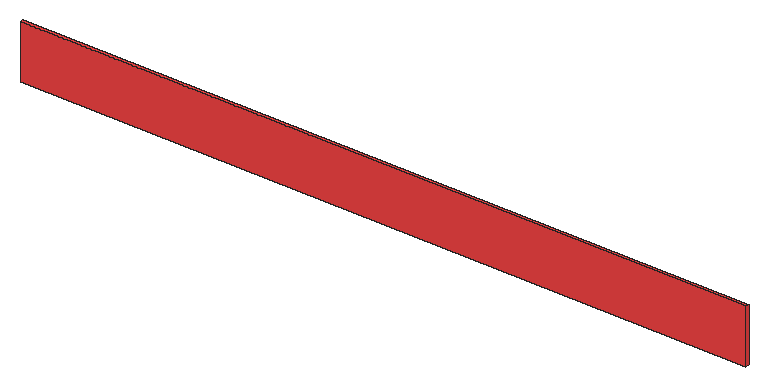
Revit family "VFB_Cavity Fire Barrier on a Roll", category Specialty Equipment, Revit 2015
Parameters (values of type "4mm x 75mm x 6.3m Roll")
  Youtube Clip = ""
  Width = 75 mm
  URL = "https://www.tenmat.com/passive-fire-protection/"
  Tenmat Item Number = ""
  Performance = "BS EN 1366-3:2009 & BS 476, ETA-12/0332, 1224-CPR-0341, CE Marked"
  Material/Grade = "Intumescent Material"
  Manufacturer = "Tenmat ltd"
  Length_Calc [instance] = if(Length < 6300 mm, if(Length > 1 mm, Length, 1 mm), 6300 mm)  # 1000 mm
  Length [instance] = 1000 mm
  IFC Classification = "Building Element Proxy"
  Description = "Cavity Fire Barrier on a Roll"
  Depth = 4 mm
Reference planes
  plane 1 "Center (Front/Back)": y = 0
  plane 2: z = 0
  plane 3 "Center (Left/Right)": x = 0
  plane 4: x = -500
  plane 5: y = 2
  plane 6: x = 500
  plane 7: y = -2
  plane 8: z = 75
Forms (mm)
  Extrusion 1, solid, material "Tenmat"
    sketch origin (0, 0, 0) x (1, 0, 0) y (0, 1, 0)
      loop
        line (-500, 2) -> (-500, -2) -> (500, -2) -> (500, 2) -> (-500, 2)
    from 0 to 75
Dimensions and locks
  equal spacing: plane 4, plane 3 "Center (Left/Right)", plane 6
  "Length_Calc": plane 4 to plane 6
  equal spacing: plane 5, plane 1 "Center (Front/Back)", plane 7
  "Width": plane 8 to plane 2
  "Depth": plane 7 to plane 5
  aligned and locked: level to plane 2
  aligned and locked: Extrusion 1 to plane 2
  aligned and locked: plane 8 to Extrusion 1
  aligned and locked: plane 5 to Extrusion 1
  aligned and locked: plane 7 to Extrusion 1
  aligned and locked: Extrusion 1 to plane 6
  aligned and locked: Extrusion 1 to plane 4
Automatic sketch dimensions
  Extrusion 1 sketch curve to plane 4 = 0 mm
  Extrusion 1 sketch curve to plane 6 = 0 mm
  plane 1 "Center (Front/Back)" to Extrusion 1 sketch curve = 2 mm
  Extrusion 1 sketch curve to plane 1 "Center (Front/Back)" = 2 mm
